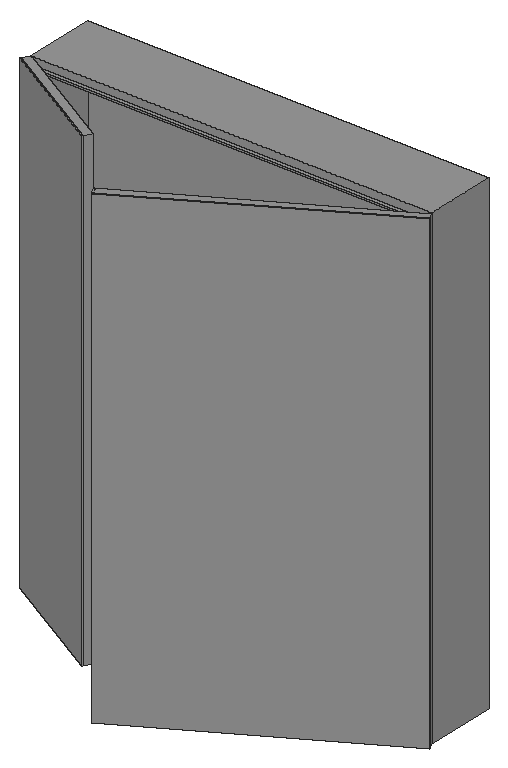
Revit family "Hager-Univers-IP44-D161-Cl.II-FWQ-encl-NoHosted-NL-en", category Equipement électrique, Revit 2020
Family settings
  Configuration du panneau = Deux colonnes, circuits au sein
  Cote de connecteur circulaire = Utiliser le diamètre
  Type d'élément = Tableau de raccordement
  Basée sur le plan de construction = Oui
  Toujours verticalement = Oui
  Couper avec des vides une fois chargée = Non
  Partagée = Non
  Point de calcul de pièce = Non
Parameters (values of type "Surface mounted (plaster) IP44 W800 H950 D161  - FWQ63N")
  Width Control [instance] = if([EF000008 - Width] > Min Width, [EF000008 - Width], Min Width)  # 800 mm
  Commentaires du type = [HG000003 - Range]  # "Univers"
  Thickness Door [instance] = if([EF009171 - Material plate thickness door/cover] > 3 mm, 3 mm, [EF009171 - Material plate thickness door/cover])  # 2 mm
  Seal Frame Offset [instance] = 17 mm  # constant formula
  Plinth Visibility [instance] = [HG000027 - Plinth height] > 0 mm  # no
  Min Width [instance] = 100 mm  # constant formula
  Min Depth [instance] = (2 * [EF009170 - Material plate thickness cabinet]) + 1 mm  # 5 mm
  Min Height [instance] = 100 mm  # constant formula
  Internal Frame Depth [instance] = (Door System Depth * 0.5)  # 9 mm
  Panel Name [instance] = ""  # (empty or 0)
  Model = ""
  HG000027 - Plinth height = 0 mm
  HG000026 - Floor standing = no
  HG000024 - Bottom section height = 600 mm
  HG000023 - Double section enclosure = no
  HG000016 - Door 3d visibility [instance] = yes
  HG000015 - Clearance visibility [instance] = no
  HG000014 - Door on the right [instance] = yes
  HG000013 - Door on the left [instance] = not([HG000014 - Door on the right])  # no
  HG000012 - Door swing angle [instance] = 30.00°
  HG000010 - Asymmetric doors = yes
  HG000009 - Double swing door = yes
  HG000006 - Flush mounted = no
  HG000004 - Manufacturer reference = "FWQ63N"
  HG000003 - Range = "Univers"
  HG000002 - With door or cover = yes
  Frame Offset Bottom [instance] = 10 mm  # constant formula
  Frame Offset [instance] = 15 mm  # constant formula
  EF015940 - Cover with overpressure release = no
  EF011959 - Degree of protection (NEMA) = ""
  EF009554 - Number of openings for flange plates = 6
  EF009212 - Cover model = "EV009916 - With notch"
  EF009171 - Material plate thickness door/cover = 2 mm
  EF009170 - Material plate thickness cabinet = 2 mm
  EF008873 - Nominal current (In) = 125 A
  EF007800 - Suitable for lightning protection = no
  EF006306 - With lock = no
  EF006244 - Transparent cover/door = no
  EF005474 - Degree of protection (IP) = "EV006418 - IP44"
  EF004464 - Type of door = "EV002646 - Single"
  EF004427 - Number of modules = 144
  EF004293 - Impact strength = "EV006815 - IK09"
  EF003532 - Suitable for outdoor use = no
  EF002950 - Width in number of modular spacings = 36
  EF001613 - Circuit integrity = "EV000494 - None"
  EF001596 - Material housing = "EV000179 - Steel"
  EF001131 - Internal depth = 161 mm
  EF001088 - Extension possible = yes
  EF000437 - Number of conduit inlets = 12
  EF000339 - Type of cover = "EV001012 - Cover"
  EF000266 - Number of rows = 3
  EF000218 - Built-in depth = 0 mm
  EF000118 - With mounting plate = yes
  EF000116 - RAL-number = "9010"
  EF000049 - Depth = 161 mm
  EF000040 - Height = 950 mm
  EF000008 - Width = 800 mm
  EF000007 - Colour = "EV000202 - White"
  EF000003 - Mounting method = "EV000384 - Surface mounted (plaster)"
  Door System Leaf Tolerance [instance] = 1.5 mm  # constant formula
  Door System Depth [instance] = 18 mm  # constant formula
  Door Height [instance] = Height Control - [HG000027 - Plinth height]  # 950 mm
  Description = ""
  Default Elevation = 1219.2 mm
  Connector Offset [instance] = Height Control / 2  # 475 mm
  Fabricant = "Hager"  # constant formula
  Height Control [instance] = if([EF000040 - Height] > Min Height, [EF000040 - Height], Min Height)  # 950 mm
  Depth Control [instance] = if([EF000049 - Depth] > Min Depth, [EF000049 - Depth], Min Depth)  # 161 mm
  Bottom Top Plate Trim [instance] = 1.5 mm  # constant formula
  Plinth height Ctrl [instance] = if([HG000027 - Plinth height] > 0 mm, [HG000027 - Plinth height], 12 mm)  # 12 mm
Types (14, lengths in mm): name | Width Control | HG000010 - Asymmetric doors | HG000009 - Double swing door | HG000004 - Manufacturer reference | EF009554 - Number of openings for flange plates | EF004427 - Number of modules | EF002950 - Width in number of modular spacings | EF000437 - Number of conduit inlets | EF000266 - Number of rows | EF000040 - Height | EF000008 - Width | Door Height | Connector Offset | Height Control
  Surface mounted (plaster) IP44 W1050 H1100 D161  - FWQ74N | 1050 | no | yes | "FWQ74N" | 8 | 240 | 48 | 16 | 4 | 1100 | 1050 | 1100 | 550 | 1100
  Surface mounted (plaster) IP44 W1050 H500 D161  - FWQ34P | 1050 | no | yes | "FWQ34P" | 8 | 144 | 48 | 16 | 4 | 500 | 1050 | 500 | 250 | 500
  Surface mounted (plaster) IP44 W1050 H650 D161  - FWQ44P | 1050 | no | yes | "FWQ44P" | 8 | 192 | 48 | 16 | 4 | 650 | 1050 | 650 | 325 | 650
  Surface mounted (plaster) IP44 W300 H650 D161  - FWQ41P | 300 | no | no | "FWQ41P" | 2 | 48 | 12 | 4 | 1 | 650 | 300 | 650 | 325 | 650
  Surface mounted (plaster) IP44 W550 H1100 D161  - FWQ72N | 550 | no | no | "FWQ72N" | 4 | 120 | 24 | 8 | 2 | 1100 | 550 | 1100 | 550 | 1100
  Surface mounted (plaster) IP44 W550 H500 D161  - FWQ32P | 550 | no | no | "FWQ32P" | 4 | 96 | 24 | 8 | 8 | 500 | 550 | 500 | 250 | 500
  Surface mounted (plaster) IP44 W550 H650 D161  - FWQ42P | 550 | no | no | "FWQ42P" | 4 | 96 | 24 | 8 | 2 | 650 | 550 | 650 | 325 | 650
  Surface mounted (plaster) IP44 W550 H800 D161  - FWQ52N | 550 | no | no | "FWQ52N" | 4 | 72 | 24 | 8 | 2 | 800 | 550 | 800 | 400 | 800
  Surface mounted (plaster) IP44 W550 H950 D161  - FWQ62N | 550 | no | no | "FWQ62N" | 4 | 96 | 24 | 8 | 2 | 950 | 550 | 950 | 475 | 950
  Surface mounted (plaster) IP44 W800 H1100 D161  - FWQ73N | 800 | yes | yes | "FWQ73N" | 6 | 180 | 36 | 12 | 3 | 1100 | 800 | 1100 | 550 | 1100
  Surface mounted (plaster) IP44 W800 H500 D161  - FWQ33P | 800 | yes | yes | "FWQ33P" | 6 | 108 | 36 | 12 | 3 | 500 | 800 | 500 | 250 | 500
  Surface mounted (plaster) IP44 W800 H650 D161  - FWQ43P | 800 | yes | yes | "FWQ43P" | 6 | 144 | 36 | 12 | 3 | 650 | 800 | 650 | 325 | 650
  Surface mounted (plaster) IP44 W800 H800 D161  - FWQ53N | 800 | yes | yes | "FWQ53N" | 6 | 108 | 36 | 12 | 3 | 800 | 800 | 800 | 400 | 800
  Surface mounted (plaster) IP44 W800 H950 D161  - FWQ63N | 800 | yes | yes | "FWQ63N" | 6 | 144 | 36 | 12 | 3 | 950 | 800 | 950 | 475 | 950
Reference planes
  plane 1 "Center (Front/Back)": y = 0
  plane 2: z = 0
  plane 3 "Center (Left/Right)": x = 0
  plane 4: y = 0
  plane 5: y = 0
  plane 6: z = 0
  plane 7: x = -400
  plane 8: x = 400
  plane 9: x = 398
  plane 10: x = -398
  plane 11: z = 0
  plane 12: z = 2
  plane 13: y = -161
  plane 14: y = -2
  plane 15: x = 0
  plane 16: y = -143
  plane 17: y = -159
  plane 18: y = -141
  plane 19: x = -383
  plane 20: x = 383
  plane 21: z = 12
  plane 22: x = -383
  plane 23: x = 383
  plane 24: z = 0
  plane 25: z = 950
  plane 26: z = 950
  plane 27: z = 933
  plane 28: z = 948
Forms (mm)
  Extrusion 1, solid, material "Hager_Steel_RAL7035_Light_Grey", detail levels medium+fine
    sketch origin (-208.679, -4572, 0) x (-1, 0, 0) y (0, -1, 0)
      loop
        line (191.321, -4429) -> (-608.679, -4429) -> (-608.679, -4572) -> (191.321, -4572) -> (191.321, -4429)
    from 0 to 950
  Extrusion 2, void
    sketch origin (-350.771, -161, 1219.2) x (1, 0, 0) y (0, 0, 1)
      loop
        line (-47.229, -271.2) -> (-47.229, -1217.2) -> (748.771, -1217.2) -> (748.771, -271.2) -> (-47.229, -271.2)
    from -20 to -159
  Extrusion 3, void
    sketch origin (-290.084, -143, 1219.2) x (1, 0, 0) y (0, 0, 1)
      loop
        line (-92.916, -1207.2) -> (673.084, -1207.2) -> (673.084, -286.2) -> (-92.916, -286.2) -> (-92.916, -1207.2)
    from 0 to -2
  Extrusion 4, solid, material "Hager_Steel_RAL7035_Light_Grey", visible <- "Plinth Visibility", detail levels medium+fine
    sketch origin (0, 0, 0) x (1, 0, 0) y (0, 1, 0)
      loop
        line (-400, 0) -> (-400, -143) -> (400, -143) -> (400, 0) -> (-400, 0)
    from 0 to 12 <- "Plinth height Ctrl"
  Extrusion 5, solid, material "Hager_Steel_RAL7035_Light_Grey", detail levels coarse
    sketch origin (0, 0, 0) x (1, 0, 0) y (0, 1, 0)
      loop
        line (-400, 0) -> (-400, -161) -> (400, -161) -> (400, 0) -> (-400, 0)
    from 0 to 950 <- "Height Control"
  Sweep 6, void
    path in 3D
      loop
        line (-400, -143, 12) -> (400, -143, 12) -> (400, 0, 12) -> (-400, 0, 12) -> (-400, -143, 12)
    profile origin (-400, -71.5, 12) x (1, 0, 0) y (0, 0, 1)
      loop
        line (0, 0) -> (0, -1.5) -> (1.5, -1.5)
        arc (1.5, -1.5) -> (1.061, -0.439) -> (0, 0) r 1.5
  Extrusion 7, solid, material "Hager_Steel_RAL7035_Light_Grey", detail levels fine
    sketch origin (-400, -143, 0) x (1, 0, 0) y (0, 0, 1)
      loop
        line (17, 12) -> (783, 12) -> (783, 933) -> (17, 933) -> (17, 12)
      loop
        line (15, 10) -> (785, 10) -> (785, 935) -> (15, 935) -> (15, 10)
    from 0 to 9 <- "Internal Frame Depth"
Cuts and joins
  Extrusion 2, Extrusion 3 cuts Extrusion 1
  Sweep 6 cuts Extrusion 4
Lines and regions (mm)
  Masking region 1
    outline origin (0, 0, 0) x (1, 0, 0) y (0, 1, 0)
      loop
        line (-400, 0) -> (-400, -161) -> (400, -161) -> (400, 0) -> (-400, 0)
  Masking region 2, detail levels coarse
    outline origin (-290.084, -143, 1219.2) x (-1, 0, 0) y (0, 0, 1)
      loop
        line (-690.084, -1219.2) -> (109.916, -1219.2) -> (109.916, -269.2) -> (-690.084, -269.2) -> (-690.084, -1219.2)
  Masking region 3, detail levels coarse
    outline origin (0, 0, 0) x (0, 1, 0) y (0, 0, 1)
      loop
        line (0, 0) -> (0, 950) -> (-161, 950) -> (-161, 0) -> (0, 0)
  Masking region 4, visible <- "Plinth Visibility", detail levels medium+fine
    outline origin (0, 0, 0) x (0, 1, 0) y (0, 0, 1)
      loop
        line (-1.5, 12) -> (-141.5, 12)
        arc (-141.5, 12) -> (-141.939, 10.939) -> (-143, 10.5) r 1.5
        line (-143, 10.5) -> (-143, 0) -> (0, 0) -> (0, 10.5)
        arc (0, 10.5) -> (-1.061, 10.939) -> (-1.5, 12) r 1.5
  Masking region 5, detail levels medium+fine
    outline origin (0, 0, 594.038) x (0, 1, 0) y (0, 0, 1)
      loop
        line (0, -594.038) -> (0, 355.962) -> (-143, 355.962) -> (-143, -594.038) -> (0, -594.038)
  Masking region 6, detail levels medium+fine
    outline origin (-359.7, -143, 1211.883) x (-1, 0, 0) y (0, 0, 1)
      loop
        line (-759.7, -1211.883) -> (40.3, -1211.883) -> (40.3, -261.883) -> (-759.7, -261.883) -> (-759.7, -1211.883)
  Masking region 7, visible <- "Plinth Visibility", detail levels medium+fine
    outline origin (-320.334, -143, 1041.368) x (-1, 0, 0) y (0, 0, 1)
      loop
        line (-720.334, -1041.368) -> (79.666, -1041.368) -> (79.666, -1030.868)
        arc (79.666, -1030.868) -> (78.606, -1030.429) -> (78.166, -1029.368) r 1.5
        line (78.166, -1029.368) -> (-718.834, -1029.368)
        arc (-718.834, -1029.368) -> (-719.273, -1030.429) -> (-720.334, -1030.868) r 1.5
        line (-720.334, -1030.868) -> (-720.334, -1041.368)
  sketch lines
    curve 1: line (-400, 0, 12) -> (-400, -143, 12)
    curve 2: line (-400, -143, 12) -> (400, -143, 12)
    curve 3: line (400, 0, 12) -> (-400, 0, 12)
    curve 4: line (400, -143, 12) -> (400, 0, 12)
Dimensions and locks
  locked: plane 1 "Center (Front/Back)" to plane 5
  "EF009170 - Material plate thickness cabinet": plane 7 to plane 10
  "EF009170 - Material plate thickness cabinet": plane 8 to plane 9
  equal spacing: plane 7, plane 3 "Center (Left/Right)", plane 8
  "Width Control": plane 7 to plane 8
  "Depth Control": plane 4 to plane 13
  "EF009170 - Material plate thickness cabinet": plane 4 to plane 14
  "Height Control": plane 25 to level
  "HG000027 - Plinth height": plane 11 to level
  "EF009170 - Material plate thickness cabinet": plane 12 to plane 11
  "EF009170 - Material plate thickness cabinet": plane 17 to plane 13
  "EF009170 - Material plate thickness cabinet": plane 18 to plane 16
  "Frame Offset Bottom": plane 21 to plane 12
  "Frame Offset": plane 10 to plane 19
  "Frame Offset": plane 9 to plane 20
  "Door System Depth": plane 16 to plane 13
  "Seal Frame Offset": plane 7 to plane 22
  "Seal Frame Offset": plane 8 to plane 23
  "EF009170 - Material plate thickness cabinet": plane 26 to plane 28
  "Frame Offset": plane 28 to plane 27
  "Connector Offset": plane 2 to connector elem
  "Bottom Top Plate Trim": profile plane to Sweep 6 sketch curve
  "Bottom Top Plate Trim": Sweep 6 sketch curve to Sweep 6 sketch curve
  "Plinth height Ctrl": Masking region 4 sketch curve to level
  "Plinth height Ctrl": Masking region 7 sketch curve to level
  "Thickness Door": Extrusion 7 sketch curve to Extrusion 7 sketch curve  (x4)
  "Bottom Top Plate Trim": radius of Sweep 6 sketch curve
  "Bottom Top Plate Trim": radius of Masking region 4 sketch curve  (x2)
  "Bottom Top Plate Trim": radius of Masking region 7 sketch curve  (x2)
  aligned and locked: Extrusion 2 sketch curve to plane 12
  aligned and locked: Extrusion 2 sketch curve to plane 9
  aligned and locked: Extrusion 2 sketch curve to plane 10
  aligned and locked: Extrusion 2 to plane 14
  aligned and locked: Extrusion 1 sketch curve to plane 4
  aligned and locked: plane 8 to Extrusion 1 sketch curve
  aligned and locked: plane 7 to Extrusion 1 sketch curve
  aligned and locked: Extrusion 2 to plane 18
  aligned and locked: Extrusion 3 sketch curve to plane 19
  aligned and locked: plane 20 to Extrusion 3 sketch curve
  aligned and locked: Extrusion 3 to Extrusion 2
  aligned and locked: Extrusion 3 sketch curve to plane 21
  aligned and locked: plane 3 "Center (Left/Right)" to nested 1
  aligned and locked: Extrusion 1 sketch curve to plane 16
  aligned and locked: Extrusion 4 sketch curve to cut or joined group of Extrusion 1, Extrusion 2, Extrusion 3
  aligned and locked: Masking region 1 sketch curve to plane 7
  aligned and locked: Masking region 1 sketch curve to plane 5
  aligned and locked: Masking region 1 sketch curve to plane 8
  aligned and locked: Masking region 2 sketch curve to level
  aligned and locked: level to Masking region 3 sketch curve
  aligned and locked: plane 1 "Center (Front/Back)" to Masking region 3 sketch curve
  aligned and locked: plane 13 to Masking region 3 sketch curve
  aligned and locked: plane 5 to Masking region 4 sketch curve
  aligned and locked: Masking region 2 sketch curve to plane 8
  aligned and locked: Masking region 2 sketch curve to plane 7
  aligned and locked: plane 7 to nested 2
  aligned and locked: nested 2 to plane 5
  aligned and locked: plane 5 to Masking region 5 sketch curve
  aligned and locked: plane 26 to Masking region 5 sketch curve
  aligned and locked: Extrusion 5 sketch curve to plane 8
  aligned and locked: Extrusion 5 sketch curve to plane 7
  aligned and locked: Extrusion 5 sketch curve to plane 5
  aligned and locked: Extrusion 3 sketch curve to plane 27
  aligned and locked: Extrusion 2 sketch curve to plane 28
  aligned and locked: Masking region 2 to plane 25
  aligned and locked: Extrusion 4 to plane 16
  aligned and locked: profile plane to Sweep 6 sketch curve
  aligned and locked: Masking region 5 sketch curve to plane 24
  aligned and locked: level to Masking region 4 sketch curve
  aligned and locked: Masking region 1 to plane 13
  aligned and locked: nested 1 to plane 16
  aligned and locked: Masking region 3 to plane 25
  aligned and locked: plane 16 to Masking region 4 sketch curve
  aligned and locked: Masking region 5 sketch curve to plane 16
  aligned and locked: plane 24 to plane 11
  aligned and locked: plane 26 to plane 25
  aligned and locked: plane 26 to cut or joined group of Extrusion 1, Extrusion 2, Extrusion 3
  aligned and locked: nested 1 to plane 24
  aligned and locked: Extrusion 1 to Extrusion 3
  aligned and locked: Masking region 6 sketch curve to plane 8
  aligned and locked: Masking region 6 sketch curve to plane 24
  aligned and locked: Masking region 6 sketch curve to plane 7
  aligned and locked: Masking region 6 sketch curve to plane 26
  aligned and locked: Masking region 7 sketch curve to plane 7
  aligned and locked: level to Masking region 7 sketch curve
  aligned and locked: Masking region 7 sketch curve to plane 8
  aligned and locked: Extrusion 7 sketch curve to cut or joined group of Extrusion 1, Extrusion 2, Extrusion 3  (x4)
Automatic sketch dimensions
  plane 19 to Extrusion 3 sketch curve = 0 mm
  Extrusion 3 sketch curve to plane 20 = 0 mm
  Extrusion 3 sketch curve to plane 21 = 0 mm
  Extrusion 4 sketch curve to plane 7 = 0 mm
  Extrusion 4 sketch curve to plane 8 = 0 mm
  Extrusion 4 sketch curve to plane 16 = 0 mm
  Masking region 1 sketch curve to plane 13 = 0 mm
  Masking region 2 sketch curve to plane 25 = 0 mm
  Masking region 3 sketch curve to plane 25 = 0 mm
  Extrusion 5 sketch curve to plane 13 = 0 mm
  profile plane to Sweep 6 sketch curve = 0 mm
Nested families
  nested 1: "EC000058_Univers_Door" at (0, -143, 0), Double <- "HG000009 - Double swing door", Transparent <- "EF006244 - Transparent cover/door", Angle <- "HG000012 - Door swing angle", Door_Right <- "HG000014 - Door on the right", Assymetrical <- "HG000010 - Asymmetric doors", Door <- "HG000002 - With door or cover", Width_Ctrl <- "Width Control", 3d_Door <- "HG000016 - Door 3d visibility", Clearance <- "HG000015 - Clearance visibility", Door_Left <- "HG000013 - Door on the left", Width <- "Width Control", Door_Depth <- "Door System Depth", Leaf_Tolerance <- "Door System Leaf Tolerance", Height <- "Door Height", Lock_Visibility <- "EF006306 - With lock", Thickness <- "Thickness Door", type "EC000058_Univers_Door", detail levels medium+fine
    with min_wh 5 mm, Width_Ctrl 800 mm, Width 800 mm, Transparent no, Thickness 2 mm, Seal_Material Hager_Rubber, Lock_Visibility no, Lock_Material Hager_Plastic_RAL9005_Jet_Black, Leaf_Width 800 mm, Leaf_Tolerance_External_Sides 0 mm, Leaf_Tolerance 1.5 mm, Leaf_Offset 0 mm, Leaf_Height 947 mm, Leaf_2_Width 532.583 mm, Leaf_2_Offset 266.292 mm, Leaf_1_Width 265.917 mm, Leaf_1_Offset 132.958 mm, Height_Ctrl 950 mm, Height 950 mm, Glass_Material Hager_Glass, Double_Clearance_Ctrl no, Double yes, Door_Right_Ctrl yes, Door_Right yes, Door_Material Hager_Steel_RAL7035_Light_Grey, Door_Left_Ctrl yes, Door_Left no, Door_Depth 18 mm, Door yes, Clearance_Material Hager_Clearance, Clearance_Depth 532.583 mm, Clearance_Ctrl no, Clearance no, Assymetrical yes, Angle 30.00°, 3d_Door yes
  nested 2: "Hager_Enclosure_Symbol" at (-400, 0, 0), Height <- "Depth Control", Width <- "Width Control", type "Hager_Enclosure_Symbol"
    with Width_Ctrl 800 mm, Width 800 mm, Height_Ctrl 161 mm, Height 161 mm, A_Width_Int 10.566 mm, A_Width 126.788 mm, A_Height_Ctrl 140.875 mm, A_Height 140.875 mm
Connectors
  electrical at (0, 0, 475)
    settings: on plane 1 "Center (Front/Back)", index 1, voltage 0 V, apparent load 0 VA, apparent load phase1 0 VA, apparent load phase2 0 VA, apparent load phase3 0 VA, power factor 1, load classification "Other", number of poles 1, system type 30, power factor state 1, is connector primary yes, connector utility no, sub classification motor no, connector description ""
Definition of nested family "EC000058_Univers_Door"
  Parameters (values of type "EC000058_Univers_Door")
    min_wh [instance] = (2 * Thickness) + 1 mm  # 11 mm
    Width_Ctrl [instance] = 400 mm
    Width [instance] = 500 mm
    Transparent [instance] = yes
    Thickness [instance] = 5 mm
    Seal_Material [instance] = none
    Lock_Visibility [instance] = yes
    Lock_Material [instance] = none
    Leaf_Width [instance] = if((Width_Ctrl - 2 * Leaf_Tolerance_External_Sides) > 0 mm, (Width_Ctrl - 2 * Leaf_Tolerance_External_Sides), min_wh)  # 400 mm
    Leaf_Tolerance_External_Sides [instance] = 0 mm  # constant formula
    Leaf_Tolerance [instance] = 1.5 mm
    Leaf_Offset [instance] = 0 mm  # constant formula
    Leaf_Height [instance] = if((Height_Ctrl - 2 * Leaf_Tolerance) > 0 mm, (Height_Ctrl - 2 * Leaf_Tolerance), min_wh)  # 497 mm
    Leaf_2_Width [instance] = if(and(and(Double, Assymetrical), Door_Left), (Leaf_Width / 3) - (Leaf_Tolerance / 2), if(and(and(Double, Assymetrical), Door_Right), (Leaf_Width / 3) * 2 - (Leaf_Tolerance / 2), if(and(Double, not(Assymetrical)), (Leaf_Width / 2) - Leaf_Tolerance, Leaf_Width)))  # 400 mm
    Leaf_2_Offset [instance] = if(and(Double, Assymetrical), Leaf_2_Width / 2, if(and(Double, not(Assymetrical)), Leaf_Width / 4, Leaf_Width / 2))  # 200 mm
    Leaf_1_Width [instance] = if(and(and(Double, Assymetrical), Door_Right), (Leaf_Width / 3) - (Leaf_Tolerance / 2), if(and(and(Double, Assymetrical), Door_Left), (Width / 3) * 2 - (Leaf_Tolerance / 2), if(and(Double, not(Assymetrical)), (Leaf_Width / 2) - Leaf_Tolerance, Leaf_Width)))  # 400 mm
    Leaf_1_Offset [instance] = if(and(Double, Assymetrical), Leaf_1_Width / 2, if(and(Double, not(Assymetrical)), Leaf_Width / 4, Leaf_Width / 2))  # 200 mm
    Height_Ctrl [instance] = if(Height > min_wh, Height, min_wh)  # 500 mm
    Height [instance] = 500 mm
    Glass_Material [instance] = none
    Double_Clearance_Ctrl [instance] = and(Double, Clearance)  # no
    Double [instance] = no
    Door_Right_Ctrl [instance] = and(or(Door_Right, Double), Door)  # yes
    Door_Right [instance] = yes
    Door_Material [instance] = none
    Door_Left_Ctrl [instance] = and(or(Door_Left, Double), Door)  # no
    Door_Left [instance] = no
    Door_Depth [instance] = 30 mm
    Door [instance] = yes
    Default Elevation = 1219.2 mm
    Clearance_Material [instance] = none
    Clearance_Depth [instance] = if(Leaf_1_Width > Leaf_2_Width, Leaf_1_Width, Leaf_2_Width)  # 400 mm
    Clearance_Ctrl [instance] = and(not(Double), Clearance)  # yes
    Clearance [instance] = yes
    Assymetrical [instance] = yes
    Angle [instance] = 30.00°
    3d_Door [instance] = yes
  Reference planes
    plane 1 "Center (Front/Back)": y = 0
    plane 2 "Bottom": z = 0
    plane 3 "Center (Left/Right)": x = 0
    plane 4: z = 500
    plane 5: x = -200
    plane 6: x = 200
    plane 7: z = 500
    plane 8: x = -200
    plane 9: z = 0
    plane 10: x = 200
    plane 11: y = 0
    plane 12: z = 1.5
    plane 13: x = -600
    plane 14: y = -400
    plane 15: x = 600
    plane 16: x = 0
    plane 17: x = 0
    plane 18: x = -200
    plane 19: x = 200
    plane 20: z = 498.5
  Forms (mm)
    Extrusion 1, solid, material <- "Clearance_Material", visible <- "Double_Clearance_Ctrl"
      sketch origin (1200, 0, 0) x (1, 0, 0) y (0, 0, -1)
        loop
          line (-1800, -498.5) -> (-600, -498.5) -> (-600, 0) -> (-1800, 0) -> (-1800, -498.5)
      from 0 to -400
  Dimensions and locks
    equal spacing: plane 5, plane 3 "Center (Left/Right)", plane 6
    "Width_Ctrl": plane 5 to plane 6
    "Leaf_Offset": plane 5 to plane 8
    "Leaf_Offset": plane 6 to plane 10
    "Leaf_Offset": plane 9 to level
    "Leaf_Offset": plane 4 to plane 7
    "Height_Ctrl": plane 4 to level
    "Leaf_Tolerance": plane 12 to plane 9
    locked: plane 11 to plane 1 "Center (Front/Back)"
    "Leaf_1_Offset": plane 18 to plane 16
    "Leaf_2_Offset": plane 17 to plane 19
    "Leaf_1_Width": plane 13 to plane 8
    "Leaf_2_Width": plane 10 to plane 15
    "Clearance_Depth": plane 14 to plane 1 "Center (Front/Back)"
    "Leaf_Tolerance_External_Sides": plane 8 to plane 18
    "Leaf_Tolerance_External_Sides": plane 19 to plane 10
    "Leaf_Tolerance": plane 7 to plane 20
    aligned and locked: level to plane 2 "Bottom"
    aligned and locked: nested 1 to plane 16
    aligned and locked: nested 2 to plane 17
    aligned and locked: Extrusion 1 to plane 13
    aligned and locked: plane 15 to Extrusion 1
    aligned and locked: Extrusion 1 to plane 14
    aligned and locked: plane 12 to nested 1
    aligned and locked: nested 2 to plane 12
    aligned and locked: Extrusion 1 to plane 11
    aligned and locked: plane 20 to Extrusion 1
    aligned and locked: nested 2 to plane 11
    aligned and locked: nested 1 to plane 11
  Automatic sketch dimensions
    Extrusion 1 sketch curve to level = 0 mm
    plane 5 to Extrusion 1 sketch curve = 400 mm
    plane 6 to Extrusion 1 sketch curve = 400 mm
    Extrusion 1 sketch curve to plane 4 = 1.5 mm
  Nested families
    nested 1: "EC000058_Univers_Door_Leaf" at (0, 0, 1.5), Width <- "Leaf_1_Width", visible <- "Door_Left_Ctrl", Leaf_Height <- "Leaf_Height", Angle <- "Angle", 3d_Door <- "3d_Door", Transparent <- "Transparent", Clearance Material <- "Clearance_Material", Clearance <- "Clearance_Ctrl", Door_Material <- "Door_Material", Glass_Material <- "Glass_Material", Door_Depth <- "Door_Depth", Lock_Material <- "Lock_Material", Seal_Material <- "Seal_Material", Lock_Visibility <- "Lock_Visibility", Thickness <- "Thickness", type "EC000058_Univers_Door_Leaf"
      with Width 400 mm, Transparent_Glass_Offset 30 mm, Transparent_Ctrl yes, Transparent yes, Thickness 5 mm, Standard no, Seal_Material none, Seal_D2 8 mm, Seal_D1 1 mm, Offset_Internal_Frame 10 mm, Lock_Width 20 mm, Lock_Visibility_3d yes, Lock_Visibility yes, Lock_Thickness_3 3 mm, Lock_Thickness_2 1 mm, Lock_Thickness_1 3 mm, Lock_Radius_Offset_2 16 mm, Lock_Radius_Offset_1 15 mm, Lock_Radius_2 5 mm, Lock_Radius 6 mm, Lock_Offset 5 mm, Lock_Material none, Lock_Height 80 mm, Lock_Cover_Top_Offset_2d 17 mm, Lock_Cover_Height -65 mm, Leaf_Height 497 mm, Internal_Seal_Thickness 8 mm, Internal_Seal_Depth_2 4.5 mm, Internal_Frame_Depth 25 mm, Glass_Thickness -1 mm, Glass_Offset -2 mm, Glass_Material none, Door_Material none, Door_Depth 30 mm, Clearance Material none, Clearance yes, Angle_Ctrl 30.00°, Angle 30.00°, 3d_Door yes
    nested 2: "EC000058_Univers_Door_Leaf" at (0, 0, 1.5) x (-1, 0, 0) z (0, 0, 1), Width <- "Leaf_2_Width", visible <- "Door_Right_Ctrl", Leaf_Height <- "Leaf_Height", Angle <- "Angle", 3d_Door <- "3d_Door", Transparent <- "Transparent", Clearance Material <- "Clearance_Material", Clearance <- "Clearance_Ctrl", Door_Material <- "Door_Material", Glass_Material <- "Glass_Material", Door_Depth <- "Door_Depth", Lock_Material <- "Lock_Material", Seal_Material <- "Seal_Material", Lock_Visibility <- "Lock_Visibility", Thickness <- "Thickness", type "EC000058_Univers_Door_Leaf"
      with Width 400 mm, Transparent_Glass_Offset 30 mm, Transparent_Ctrl yes, Transparent yes, Thickness 5 mm, Standard no, Seal_Material none, Seal_D2 8 mm, Seal_D1 1 mm, Offset_Internal_Frame 10 mm, Lock_Width 20 mm, Lock_Visibility_3d yes, Lock_Visibility yes, Lock_Thickness_3 3 mm, Lock_Thickness_2 1 mm, Lock_Thickness_1 3 mm, Lock_Radius_Offset_2 16 mm, Lock_Radius_Offset_1 15 mm, Lock_Radius_2 5 mm, Lock_Radius 6 mm, Lock_Offset 5 mm, Lock_Material none, Lock_Height 80 mm, Lock_Cover_Top_Offset_2d 17 mm, Lock_Cover_Height -65 mm, Leaf_Height 497 mm, Internal_Seal_Thickness 8 mm, Internal_Seal_Depth_2 4.5 mm, Internal_Frame_Depth 25 mm, Glass_Thickness -1 mm, Glass_Offset -2 mm, Glass_Material none, Door_Material none, Door_Depth 30 mm, Clearance Material none, Clearance yes, Angle_Ctrl 30.00°, Angle 30.00°, 3d_Door yes
  Definition of nested family "EC000058_Univers_Door_Leaf"
    Parameters (values of type "EC000058_Univers_Door_Leaf")
      Width [instance] = 2000 mm
      Transparent_Glass_Offset [instance] = 30 mm
      Transparent_Ctrl [instance] = and(Transparent, [3d_Door])  # yes
      Transparent [instance] = yes
      Thickness [instance] = 5 mm
      Standard [instance] = and(not(Transparent), [3d_Door])  # no
      Seal_Material [instance] = none
      Seal_D2 [instance] = 8 mm  # constant formula
      Seal_D1 [instance] = 1 mm  # constant formula
      Offset_Internal_Frame [instance] = 10 mm  # constant formula
      Lock_Width [instance] = 20 mm  # constant formula
      Lock_Visibility_3d [instance] = and(Lock_Visibility, [3d_Door])  # yes
      Lock_Visibility [instance] = yes
      Lock_Thickness_3 [instance] = 3 mm  # constant formula
      Lock_Thickness_2 [instance] = 1 mm  # constant formula
      Lock_Thickness_1 [instance] = 3 mm  # constant formula
      Lock_Radius_Offset_2 [instance] = Lock_Radius_Offset_1 + 1 mm  # 16 mm
      Lock_Radius_Offset_1 [instance] = 15 mm  # constant formula
      Lock_Radius_2 [instance] = Lock_Radius - 1 mm  # 5 mm
      Lock_Radius [instance] = 6 mm  # constant formula
      Lock_Offset [instance] = 5 mm  # constant formula
      Lock_Material [instance] = none
      Lock_Height [instance] = 80 mm  # constant formula
      Lock_Cover_Top_Offset_2d [instance] = Lock_Radius_Offset_2 + 1 mm  # 17 mm
      Lock_Cover_Height [instance] = -(Lock_Height - Lock_Radius_Offset_1)  # -65 mm
      Leaf_Height [instance] = 2720.336 mm
      Internal_Seal_Thickness [instance] = 8 mm  # constant formula
      Internal_Seal_Depth_2 [instance] = 4.5 mm  # constant formula
      Internal_Frame_Depth [instance] = if(Door_Depth - Thickness > 5 mm, Door_Depth - Thickness, 5 mm)  # 25 mm
      Glass_Thickness [instance] = if(Thickness > 15 mm, Glass_Offset + 10 mm, -1 mm)  # -1 mm
      Glass_Offset [instance] = if(Thickness > 15 mm, -(Thickness + 10 mm) / 2, -2 mm)  # -2 mm
      Glass_Material [instance] = none
      Door_Material [instance] = none
      Door_Depth [instance] = 30 mm
      Default Elevation = 0 mm
      Clearance Material [instance] = none
      Clearance [instance] = yes
      Angle_Ctrl [instance] = if(Angle > 180.00°, 180.00°, Angle)  # 90.00°
      Angle [instance] = 90.00°
      3d_Door [instance] = yes
    Reference planes
      plane 1 "Center (Front/Back)": y = 0
      plane 2: z = 0
      plane 3 "Center (Left/Right)": x = 0
      plane 4: y = 2000
      plane 5: x = -1000
      plane 6: x = 1000
      plane 7: x = -3000
      plane 8: z = 2720.336
      plane 9: z = 30
      plane 10: z = 2690.336
      plane 11: x = 970
      plane 12: x = -970
      plane 13: y = -3
      plane 14: z = 107.833
      plane 15: y = -5
      plane 16: y = -223.314
      plane 17: x = -1000
      plane 18: z = 1360.168
      plane 19: y = 30
    Forms (mm)
      Extrusion 1, solid, material <- "Clearance Material", visible <- "Clearance"
        sketch origin (0, 0, 0) x (1, 0, 0) y (0, 0, 1)
          loop
            line (-3000, 2720.336) -> (-3000, 0) -> (1000, 0) -> (1000, 2720.336) -> (-3000, 2720.336)
        from 0 to -2000
      Extrusion 2, solid, material <- "Door_Material", visible <- "Standard", detail levels medium+fine
        sketch origin (-1000, 0, 0) x (0, 1, 0) y (-1, 0, 0)
          loop
            line (0, 30) -> (0, 25) -> (2000, 25) -> (2000, 30) -> (0, 30)
        from 0 to 2720.336 <- "Leaf_Height"
      Extrusion 3, solid, material <- "Door_Material", visible <- "Transparent_Ctrl", detail levels medium+fine
        sketch origin (-1000, 0, 0) x (0, 1, 0) y (-1, 0, 0)
          loop
            line (0, 25) -> (2000, 25) -> (2000, 30) -> (0, 30) -> (0, 25)
        from 0 to 2720.336 <- "Leaf_Height"
      Extrusion 4, void
        sketch origin (-1025, 2000, 0) x (0, 1, 0) y (0, 0, -1)
          loop
            line (-30, -2690.336) -> (-30, -30) -> (-1970, -30) -> (-1970, -2690.336) -> (-30, -2690.336)
        from 0 to 5 <- "Thickness"
      Sweep 5, solid, material <- "Seal_Material", visible <- "Transparent_Ctrl", detail levels fine
        path in 3D
          loop
            line (-1025, 30, 30) -> (-1025, 30, 2690.336) -> (-1025, 1970, 2690.336) -> (-1025, 1970, 30) -> (-1025, 30, 30)
        profile origin (-1025, 1000, 30) x (1, 0, 0) y (0, 0, 1)
          loop
            line (0, 0) -> (0, -8) -> (1, -8) -> (1, 0) -> (0, 0)
      Extrusion 6, solid, material <- "Glass_Material", visible <- "Transparent_Ctrl", detail levels medium+fine
        sketch origin (-1030, 0, 0) x (0, 1, 0) y (0, 0, -1)
          loop
            line (1970, -2690.336) -> (1970, -30) -> (30, -30) -> (30, -2690.336) -> (1970, -2690.336)
        from -2 <- "Glass_Offset" to -1 <- "Glass_Thickness"
      Extrusion 7, solid, material <- "Door_Material", visible <- "3d_Door", detail levels medium+fine
        sketch origin (-1025, 2000, 0) x (0, -1, 0) y (0, 0, -1)
          loop
            line (0, -2720.336) -> (2000, -2720.336) -> (2000, 0) -> (0, 0) -> (0, -2720.336)
          loop
            line (1995, -5) -> (5, -5) -> (5, -2715.336) -> (1995, -2715.336) -> (1995, -5)
        from 0 to 25 <- "Internal_Frame_Depth"
      Sweep 8, solid, material <- "Seal_Material", visible <- "Transparent_Ctrl", detail levels fine
        path in 3D
          loop
            line (-1025, 0, 0) -> (-1025, 2000, 0) -> (-1025, 2000, 2720.336) -> (-1025, 0, 2720.336) -> (-1025, 0, 0)
        profile origin (-1025, 0, 1360.168) x (1, 0, 0) y (0, 1, 0)
          loop
            line (0, 10) -> (2.975, 10)
            arc (2.975, 10) -> (4.053, 10.447) -> (4.5, 11.525) r 1.525
            line (4.5, 11.525) -> (4.5, 16.527)
            arc (4.5, 16.527) -> (4.069, 17.569) -> (3.027, 18) r 1.473
            line (3.027, 18) -> (0, 18) -> (0, 10)
      Extrusion 9, solid, material <- "Lock_Material", visible <- "Lock_Visibility_3d", detail levels fine
        sketch origin (-1030, 0, 0) x (0, 1, 0) y (0, 0, -1)
          loop
            arc (1993.5, -1400.168) -> (1994.561, -1399.729) -> (1995, -1398.668) r 1.5
            line (1995, -1398.668) -> (1995, -1320.168) -> (1975, -1320.168) -> (1975, -1398.668)
            arc (1975, -1398.668) -> (1975.439, -1399.729) -> (1976.5, -1400.168) r 1.5
            line (1976.5, -1400.168) -> (1993.5, -1400.168)
        from 3 <- "Lock_Thickness_1" to 0
      Blend 10, solid, material <- "Lock_Material", visible <- "Lock_Visibility_3d", detail levels fine
        base sketch origin (-1033, 0, 0) x (0, 1, 0) y (0, 0, -1)
          loop
            line (1975, -1320.168) -> (1975, -1398.668)
            arc (1975, -1398.668) -> (1975.439, -1399.729) -> (1976.5, -1400.168) r 1.5
            line (1976.5, -1400.168) -> (1993.5, -1400.168)
            arc (1993.5, -1400.168) -> (1994.561, -1399.729) -> (1995, -1398.668) r 1.5
            line (1995, -1398.668) -> (1995, -1320.168) -> (1975, -1320.168)
        top sketch origin (-1033, 0, 0) x (0, 1, 0) y (0, 0, -1)
          loop
            line (1976, -1320.168) -> (1976, -1398.668)
            arc (1976, -1398.668) -> (1976.146, -1399.022) -> (1976.5, -1399.168) r 0.5
            line (1976.5, -1399.168) -> (1993.5, -1399.168)
            arc (1993.5, -1399.168) -> (1993.854, -1399.022) -> (1994, -1398.668) r 0.5
            line (1994, -1398.668) -> (1994, -1320.168) -> (1976, -1320.168)
        from 0 to 1 <- "Lock_Thickness_2"
      Blend 11, solid, material <- "Lock_Material", visible <- "Lock_Visibility_3d", detail levels fine
        base sketch origin (-1034, 0, 0) x (0, 1, 0) y (0, 0, -1)
          loop
            line (1978, -1320.168) -> (1978, -1384.168)
            arc (1978, -1384.168) -> (1985, -1391.168) -> (1992, -1384.168) r 7
            line (1992, -1384.168) -> (1992, -1320.168) -> (1978, -1320.168)
        top sketch origin (-1034, 0, 0) x (0, 1, 0) y (0, 0, -1)
          loop
            line (1991, -1320.168) -> (1979, -1320.168) -> (1979, -1383.168)
            arc (1979, -1383.168) -> (1985, -1389.168) -> (1991, -1383.168) r 6
            line (1991, -1383.168) -> (1991, -1320.168)
        from 0 to 3 <- "Lock_Thickness_3"
      Extrusion 12, solid, material <- "Lock_Material", visible <- "Lock_Visibility_3d", detail levels fine
        sketch origin (-1030, 1975, 1320.168) x (1, 0, 0) y (0, -1, 0)
          loop
            line (-7, -19) -> (-7, -1) -> (0, -1) -> (0, 0) -> (-8, 0) -> (-8, -20) -> (0, -20) -> (0, -19) -> (-7, -19)
        from 0 to -65 <- "Lock_Cover_Height"
      Extrusion 13, void
        sketch origin (-1038, 1995, 1320.168) x (-1, 0, 0) y (0, 0, -1)
          loop
            line (-5, -65) -> (0, -65) -> (-5, -60) -> (-5, -65)
        from 0 to 20 <- "Lock_Width"
      Extrusion 14, void
        sketch origin (-1038, 1975, 1320.168) x (0, -1, 0) y (0, 0, -1)
          loop
            circle (-10, -15.995) r 6
          loop
            circle (-10, -15.995) r 5
        from 0 to 2
      Extrusion 15, solid, material <- "Lock_Material", visible <- "Lock_Visibility_3d", detail levels medium
        sketch origin (-1030, 0, 0) x (0, 1, 0) y (0, 0, -1)
          loop
            arc (1993.5, -1400.168) -> (1994.561, -1399.729) -> (1995, -1398.668) r 1.5
            line (1995, -1398.668) -> (1995, -1320.168) -> (1975, -1320.168) -> (1975, -1398.668)
            arc (1975, -1398.668) -> (1975.439, -1399.729) -> (1976.5, -1400.168) r 1.5
            line (1976.5, -1400.168) -> (1993.5, -1400.168)
        from 8 to 0
    Cuts and joins
      Extrusion 4 cuts Extrusion 3
      Extrusion 13, Extrusion 14 cuts Extrusion 9
      Extrusion 14 cuts Blend 11
      Extrusion 13, Extrusion 14 cuts Extrusion 12
      joined: Extrusion 9, Blend 10, Blend 11, Extrusion 12
      Extrusion 14 cuts Extrusion 15
    Lines and regions (mm)
      Masking region 1, visible <- "Lock_Visibility", detail levels fine
        outline origin (0, 0, 0) x (0, 1, 0) y (0, 0, 1)
          loop
            line (30, 1320.168) -> (33, 1320.168) -> (33, 1400.168) -> (30, 1400.168) -> (30, 1320.168)
      Masking region 2, visible <- "Lock_Visibility", detail levels fine
        outline origin (0, 3.143, 0) x (0, 1, 0) y (0, 0, 1)
          loop
            line (29.857, 1354.168) -> (30.857, 1354.168) -> (30.857, 1366.168) -> (29.857, 1366.168) -> (29.857, 1354.168)
      Masking region 3, detail levels medium+fine
        outline origin (0, 0, 0) x (0, 1, 0) y (0, 0, 1)
          loop
            line (0, 0) -> (30, 0) -> (30, 2720.336) -> (0, 2720.336) -> (0, 0)
      Masking region 4, detail levels medium+fine
        outline origin (0, 0, 0) x (1, 0, 0) y (0, 0, 1)
          loop
            line (-1000, 2720.336) -> (-1000, 0) -> (1000, 0) -> (1000, 2720.336) -> (-1000, 2720.336)
      Masking region 5, visible <- "Lock_Visibility", detail levels fine
        outline origin (-47.116, 0, 0) x (1, 0, 0) y (0, 0, 1)
          loop
            arc (1024.616, 1399.168) -> (1023.556, 1398.729) -> (1023.116, 1397.668) r 1.5
            line (1023.116, 1397.668) -> (1023.116, 1320.168) -> (1041.116, 1320.168) -> (1041.116, 1397.668)
            arc (1041.116, 1397.668) -> (1040.677, 1398.729) -> (1039.616, 1399.168) r 1.5
            line (1039.616, 1399.168) -> (1024.616, 1399.168)
      Masking region 6, visible <- "Lock_Visibility", detail levels medium+fine
        outline origin (-25, 0, 0) x (1, 0, 0) y (0, 0, 1)
          loop
            arc (1001.5, 1400.168) -> (1000.439, 1399.729) -> (1000, 1398.668) r 1.5
            line (1000, 1398.668) -> (1000, 1320.168) -> (1020, 1320.168) -> (1020, 1398.668)
            arc (1020, 1398.668) -> (1019.561, 1399.729) -> (1018.5, 1400.168) r 1.5
            line (1018.5, 1400.168) -> (1001.5, 1400.168)
      Masking region 7, visible <- "Lock_Visibility", detail levels fine
        outline origin (-73.735, 0, 0) x (1, 0, 0) y (0, 0, 1)
          loop
            line (1051.735, 1382.168) -> (1065.735, 1382.168) -> (1065.735, 1384.168)
            arc (1065.735, 1384.168) -> (1058.735, 1391.168) -> (1051.735, 1384.168) r 7
            line (1051.735, 1384.168) -> (1051.735, 1382.168)
      Masking region 8, visible <- "Lock_Visibility", detail levels fine
        outline origin (-73.735, 0, 0) x (1, 0, 0) y (0, 0, 1)
          loop
            line (1052.735, 1382.168) -> (1064.735, 1382.168) -> (1064.735, 1383.168)
            arc (1064.735, 1383.168) -> (1058.735, 1389.168) -> (1052.735, 1383.168) r 6
            line (1052.735, 1383.168) -> (1052.735, 1382.168)
      Masking region 9, visible <- "Lock_Visibility", detail levels fine
        outline origin (-25, 0, 0) x (1, 0, 0) y (0, 0, 1)
          loop
            line (1020, 1320.168) -> (1020, 1382.168) -> (1000, 1382.168) -> (1000, 1320.168) -> (1020, 1320.168)
      Masking region 10, detail levels medium+fine
        outline origin (0, 0, 0) x (1, 0, 0) y (0, 0, 1)
          loop
            circle (985, 1335.144) r 6
      Masking region 11, detail levels fine
        outline origin (0, 0, 0) x (1, 0, 0) y (0, 0, 1)
          loop
            circle (985, 1335.144) r 5
      Masking region 12, visible <- "Lock_Visibility", detail levels fine
        outline origin (0, 12.767, 0) x (0, 1, 0) y (0, 0, 1)
          loop
            line (20.233, 1320.168) -> (21.233, 1320.168) -> (21.233, 1399.168) -> (20.233, 1400.168) -> (20.233, 1320.168)
      Masking region 13, visible <- "Lock_Visibility", detail levels fine
        outline origin (0, 13.767, -10) x (0, 1, 0) y (0, 0, 1)
          loop
            line (20.233, 1330.168) -> (23.233, 1330.168) -> (23.233, 1399.168) -> (20.233, 1402.168) -> (20.233, 1330.168)
      Masking region 14, visible <- "Lock_Visibility", detail levels fine
        outline origin (0, 12.767, -10) x (0, 1, 0) y (0, 0, 1)
          loop
            line (20.233, 1330.168) -> (25.233, 1330.168) -> (25.233, 1399.305) -> (20.233, 1394.305) -> (20.233, 1330.168)
      Masking region 15, visible <- "Lock_Visibility", detail levels medium
        outline origin (0, 0, 0) x (0, 1, 0) y (0, 0, 1)
          loop
            line (30, 1320.168) -> (38, 1320.168) -> (38, 1400.168) -> (30, 1400.168) -> (30, 1320.168)
      Masking region 16, visible <- "Lock_Visibility", detail levels fine
        outline origin (-1000, 0, 0) x (0, 1, 0) y (-1, 0, 0)
          loop
            line (1975, 30) -> (1995, 30) -> (1995, 38) -> (1975, 38) -> (1975, 30)
          loop
            line (1979, 37) -> (1976, 37) -> (1976, 34) -> (1978, 34) -> (1979, 37)
          loop
            line (1994, 37) -> (1991, 37) -> (1992, 34) -> (1994, 34) -> (1994, 37)
      Masking region 17, visible <- "Lock_Visibility", detail levels medium
        outline origin (-1000, 0, 0) x (0, 1, 0) y (-1, 0, 0)
          loop
            line (1975, 30) -> (1995, 30) -> (1995, 38) -> (1975, 38) -> (1975, 30)
      symbolic lines
        curve 1: line (1000, 0, 0) -> (-3000, 0, 0)
        curve 2: arc (1000, 0, 0) -> (-1000, 2000, 0) -> (-3000, 0, 0) r 2000
        curve 4: line (-1030, 0, 0) -> (-1030, 2000, 0)
      reference lines
        curve 3: line (-1000, 0, 0) -> (-1000, 2000, 0)
      symbolic lines, detail levels medium+fine
        curve 5: line (-1030, 2000, 0) -> (-1025, 2000, 0)
        curve 7: line (-1025, 0, 0) -> (-1030, 0, 0)
        curve 8: line (-1025, 0, 0) -> (-1000, 0, 0)
        curve 9: line (-1000, 0, 0) -> (-1000, 2000, 0)
        curve 10: line (-1000, 2000, 0) -> (-1025, 2000, 0)
      symbolic lines, detail levels fine
        curve 6: line (-1025, 2000, 0) -> (-1025, 0, 0)
      sketch lines
        curve 11: line (-1025, 0, 2720.336) -> (-1025, 0, 0)
        curve 12: line (-1025, 2000, 0) -> (-1025, 0, 0)
        curve 13: line (-1025, 2000, 2720.336) -> (-1025, 2000, 0)
        curve 14: line (-1025, 0, 2720.336) -> (-1025, 2000, 2720.336)
        curve 15: line (-1025, 1970, 30) -> (-1025, 30, 30)
        curve 16: line (-1025, 30, 30) -> (-1025, 30, 2690.336)
        curve 17: line (-1025, 1970, 2690.336) -> (-1025, 1970, 30)
        curve 18: line (-1025, 30, 2690.336) -> (-1025, 1970, 2690.336)
      symbolic lines, visible <- "Transparent", detail levels medium+fine
        curve 19: line (-970, 0, 2690.336) -> (970, 0, 2690.336)
        curve 20: line (-970, 0, 30) -> (-970, 0, 2690.336)
        curve 21: line (970, 0, 30) -> (-970, 0, 30)
        curve 22: line (970, 0, 2690.336) -> (970, 0, 30)
    Dimensions and locks
      "Width": plane 1 "Center (Front/Back)" to plane 4
      equal spacing: plane 5, plane 3 "Center (Left/Right)", plane 6
      "Width": plane 5 to plane 6
      "Width": plane 7 to plane 5
      "Leaf_Height": plane 8 to level
      "Width": curve 5 to curve 3
      "Width": curve 3 to curve 3
      plane 8 to plane 10 = 30 mm
      plane 9 to level = 30 mm
      plane 12 to plane 5 = 30 mm
      plane 6 to plane 11 = 30 mm
      Extrusion 1 to Extrusion 4 sketch curve = 30 mm
      "Transparent_Glass_Offset": curve 3 to Extrusion 4 sketch curve
      "Transparent_Glass_Offset": Extrusion 4 sketch curve to cut or joined group of Extrusion 3, Extrusion 4  (x2)
      cut or joined group of Extrusion 3, Extrusion 4 to Extrusion 6 sketch curve = 30 mm
      "Transparent_Glass_Offset": cut or joined group of Extrusion 3, Extrusion 4 to Extrusion 4 sketch curve
      "Thickness": curve 6 to curve 4
      "Thickness": Extrusion 7 sketch curve to Extrusion 7 sketch curve  (x4)
      "Door_Depth": curve 4 to curve 3
      "Offset_Internal_Frame": profile plane to Sweep 8 sketch curve
      "Internal_Seal_Thickness": Sweep 8 sketch curve to Sweep 8 sketch curve
      "Internal_Seal_Depth_2": profile plane to Sweep 8 sketch curve
      "Seal_D1": profile plane to Sweep 5 sketch curve
      "Seal_D2": profile plane to Sweep 5 sketch curve
      "Thickness": Extrusion 2 sketch curve to Extrusion 2 sketch curve
      equal spacing: Extrusion 9 sketch curve, plane 18, Extrusion 9 sketch curve  (x2)
      equal spacing: Masking region 1 sketch curve, plane 18, Masking region 1 sketch curve
      "Lock_Height": Masking region 1 sketch curve to Masking region 1 sketch curve
      "Lock_Radius": Masking region 2 sketch curve to plane 18 to Masking region 2 sketch curve
      Masking region 2 sketch curve to Masking region 1 = 1 mm
      "Door_Depth": plane 19 to plane 1 "Center (Front/Back)"
      "Lock_Thickness_1": Masking region 1 sketch curve to plane 19
      "Lock_Width": Extrusion 9 sketch curve to Extrusion 9 sketch curve
      "Lock_Height": Extrusion 9 sketch curve to Extrusion 9 sketch curve
      "Lock_Offset": cut or joined group of Extrusion 3, Extrusion 4 to Extrusion 9 sketch curve
      equal spacing: plane 8, plane 18, level
      "Lock_Radius_Offset_1": Blend 11 sketch curve to Blend 10
      locked: Blend 10 to Blend 11 sketch curve at 2  (x2)
      locked: var sketch to Blend 11 sketch curve at 1  (x2)
      "Lock_Radius_Offset_2": Blend 11 sketch curve to Blend 10
      locked: Extrusion 12 sketch curve to Extrusion 12 sketch curve at 1  (x3)
      Masking region 6 sketch curve to Masking region 6 sketch curve = 80 mm
      "Lock_Height": Masking region 6 sketch curve to Masking region 6 sketch curve
      "Lock_Width": Masking region 6 sketch curve to Masking region 6 sketch curve
      locked: Masking region 6 to Masking region 5 sketch curve at 1  (x3)
      locked: Masking region 5 to Masking region 7 sketch curve at 2  (x2)
      "Lock_Radius_Offset_1": Masking region 5 to Masking region 7 sketch curve
      "Lock_Radius_Offset_2": Masking region 5 to Masking region 8 sketch curve
      locked: Masking region 7 to Masking region 8 sketch curve at 1  (x2)
      "Lock_Cover_Top_Offset_2d": Masking region 5 to Masking region 9 sketch curve
      equal spacing: Masking region 9, Masking region 10 sketch curve, Masking region 9
      equal spacing: Masking region 9, Masking region 11 sketch curve, Masking region 9
      Extrusion 15 sketch curve to Extrusion 15 sketch curve = 80 mm
      "Lock_Width": Extrusion 15 sketch curve to Extrusion 15 sketch curve
      "Lock_Height": Extrusion 15 sketch curve to Extrusion 15 sketch curve
      equal spacing: Extrusion 15 sketch curve, plane 18, Extrusion 15 sketch curve
      "Lock_Thickness_3": Masking region 13 sketch curve to Masking region 13 sketch curve
      "Lock_Height": Masking region 12 sketch curve to Masking region 12 sketch curve
      locked: Masking region 13 sketch curve to Masking region 1 at 8
      locked: Masking region 14 sketch curve to Masking region 13 at 1
      locked: Masking region 14 sketch curve to Masking region 1 at 10.863
      "Lock_Height": Masking region 15 sketch curve to Masking region 15 sketch curve
      "Lock_Offset": Extrusion 15 sketch curve to cut or joined group of Extrusion 3, Extrusion 4
      "Lock_Offset": plane 6 to Masking region 6 sketch curve
      radius of Sweep 8 sketch curve = 1.525 mm
      radius of Sweep 8 sketch curve = 1.473 mm
      radius of Extrusion 9 sketch curve = 1.5 mm  (x2)
      "Lock_Radius": radius of Extrusion 14 sketch curve
      "Lock_Radius_2": radius of Extrusion 14 sketch curve
      "Lock_Radius": radius of Masking region 10 sketch curve
      "Lock_Radius_2": radius of Masking region 11 sketch curve
      radius of Extrusion 15 sketch curve = 1.5 mm  (x2)
      "Angle_Ctrl": angle plane 1 "Center (Front/Back)" to curve 3
      locked: Masking region 12 sketch curve to Masking region 12 sketch curve (angle 45.00°)
      locked: Masking region 13 sketch curve to Masking region 13 sketch curve (angle 45.00°)
      locked: Masking region 14 sketch curve to Masking region 14 sketch curve (angle 45.00°)
      aligned and locked: level to plane 2
      aligned and locked: Extrusion 1 to curve 1
      aligned and locked: plane 6 to Extrusion 1
      aligned and locked: Extrusion 1 to plane 1 "Center (Front/Back)"
      aligned and locked: plane 4 to Extrusion 1
      aligned and locked: plane 8 to Extrusion 1
      aligned and locked: curve 7 to Extrusion 2 sketch curve
      aligned and locked: curve 5 to Extrusion 2 sketch curve
      aligned and locked: curve 7 to Extrusion 3 sketch curve
      aligned and locked: Extrusion 3 sketch curve to curve 4
      aligned and locked: Extrusion 3 sketch curve to curve 6
      aligned and locked: Extrusion 3 sketch curve to curve 5
      aligned and locked: curve 9 to curve 3
      aligned and locked: Extrusion 7 sketch curve to cut or joined group of Extrusion 3, Extrusion 4  (x4)
      aligned and locked: plane 17 to curve 3
      aligned and locked: plane 1 "Center (Front/Back)" to curve 3
      aligned and locked: plane 17 to plane 5
      aligned and locked: Sweep 8 sketch curve to profile plane
      aligned and locked: Sweep 5 sketch curve to profile plane  (x2)
      aligned and locked: Masking region 1 to Masking region 2 sketch curve
      aligned and locked: plane 19 to Masking region 1 sketch curve
      aligned and locked: plane 1 "Center (Front/Back)" to Masking region 3 sketch curve
      aligned and locked: plane 19 to Masking region 3 sketch curve
      aligned and locked: level to Masking region 3 sketch curve
      aligned and locked: Masking region 3 sketch curve to plane 8
      aligned and locked: plane 17 to Masking region 4 sketch curve
      aligned and locked: level to Masking region 4 sketch curve
      aligned and locked: Masking region 4 sketch curve to plane 8
      aligned and locked: plane 12 to curve 20
      aligned and locked: plane 10 to curve 19
      aligned and locked: plane 11 to curve 22
      aligned and locked: curve 21 to plane 9
      aligned and locked: Extrusion 2 sketch curve to cut or joined group of Extrusion 3, Extrusion 4
      aligned and locked: Blend 10 sketch curve to Extrusion 9  (x4)
      aligned and locked: Extrusion 9 to Blend 10 sketch curve
      aligned and locked: Blend 10 to Blend 11 sketch curve
      aligned and locked: Extrusion 12 sketch curve to Blend 11
      aligned and locked: Extrusion 12 sketch curve to Extrusion 9  (x4)
      aligned and locked: Masking region 5 sketch curve to Masking region 6
      aligned and locked: Masking region 9 sketch curve to Masking region 6  (x3)
      aligned and locked: Masking region 12 sketch curve to Masking region 1
      aligned and locked: Masking region 13 sketch curve to Masking region 1
      aligned and locked: Masking region 12 to Masking region 14
      aligned and locked: Masking region 14 sketch curve to Masking region 1
      aligned and locked: Masking region 15 sketch curve to Masking region 14
      aligned and locked: Masking region 13 sketch curve to Masking region 12
      aligned and locked: Masking region 16 sketch curve to cut or joined group of Extrusion 14, Extrusion 15  (x4)
      aligned and locked: Masking region 16 sketch curve to cut or joined group of Extrusion 9, Blend 10, Blend 11, Extrusion 12, Extrusion 13, Extrusion 14  (x6)
      aligned and locked: cut or joined group of Extrusion 9, Blend 10, Blend 11, Extrusion 12, Extrusion 13, Extrusion 14 to Masking region 16 sketch curve
      aligned and locked: Masking region 17 sketch curve to cut or joined group of Extrusion 14, Extrusion 15  (x3)
      aligned and locked: Masking region 17 sketch curve to cut or joined group of Extrusion 9, Blend 10, Blend 11, Extrusion 12, Extrusion 13, Extrusion 14
      aligned and locked: Masking region 9 to Masking region 8 sketch curve
      aligned and locked: Masking region 9 to Masking region 7 sketch curve
    Automatic sketch dimensions
      plane 1 "Center (Front/Back)" to curve 2 = 0 mm
      curve 2 to plane 5 = 0 mm
      Extrusion 1 sketch curve to level = 0 mm
      Extrusion 1 sketch curve to plane 7 = 0 mm
      Extrusion 1 sketch curve to plane 6 = 0 mm
      Extrusion 1 sketch curve to plane 8 = 0 mm
      Extrusion 3 to Extrusion 6 sketch curve = 30 mm  (x4)
      Masking region 4 sketch curve to plane 6 = 0 mm
      Blend 10 sketch curve to Extrusion 9 = 1.5 mm
      Blend 10 sketch curve to Extrusion 9 = 1 mm
      Extrusion 13 sketch curve to Extrusion 12 = 0 mm  (x2)
      Extrusion 12 to Extrusion 13 sketch curve = 3 mm
      Extrusion 13 sketch curve to Extrusion 12 = 5 mm
      Extrusion 14 sketch curve to Extrusion 14 sketch curve = 0 mm  (x2)
      Extrusion 14 sketch curve to Extrusion 12 = 10 mm
      Extrusion 14 sketch curve to Extrusion 12 = 15.995 mm
      Masking region 5 sketch curve to Masking region 5 sketch curve = 1.5 mm  (x2)
      Masking region 10 sketch curve to plane 18 = 25.024 mm
      Masking region 11 sketch curve to plane 18 = 25.024 mm
      plane 19 to Masking region 14 sketch curve = 3 mm
      Masking region 16 sketch curve to Masking region 16 sketch curve = 3 mm
      curve 4 to curve 3 = 0 mm
      Blend 10 to Blend 11 sketch curve = 0 mm
      Masking region 6 sketch curve to Masking region 6 sketch curve = 1.5 mm  (x2)
      Masking region 6 sketch curve to plane 18 = 40 mm
      plane 19 to Masking region 12 sketch curve = 3 mm
      Masking region 12 sketch curve to Masking region 12 sketch curve = 1 mm
      Masking region 15 sketch curve to plane 19 = 0 mm
      Masking region 15 sketch curve to plane 18 = 40 mm
      radius of Blend 10 sketch curve to Extrusion 9 = 1 mm
Definition of nested family "Hager_Enclosure_Symbol"
  Parameters (values of type "Hager_Enclosure_Symbol")
    Width_Ctrl [instance] = if(Width > 1 mm, Width, 1 mm)  # 102.27 mm
    Width [instance] = 102.27 mm
    Height_Ctrl [instance] = if(Height > 1 mm, Height, 1 mm)  # 66.5 mm
    A_Width_Int [instance] = if(A_Width / 12 > 2 mm, A_Width / 12, 2 mm)  # 4.364 mm
    A_Width [instance] = if(A_Height_Ctrl * 0.9 > 2 mm, A_Height_Ctrl * 0.9, 2 mm)  # 52.369 mm
    A_Height_Ctrl [instance] = if(A_Height > 2 mm, A_Height, 2 mm)  # 58.188 mm
    Height [instance] = 66.5 mm
    A_Height [instance] = Height - (Height / 8)  # 58.188 mm
  Reference planes
    plane 1 "Centre (avant/arrière)": y = 0
    plane 2: z = 0
    plane 3 "Centre (gauche/droite)": x = 0
    plane 4: x = 52.369
    plane 5: y = 33.042
    plane 6: y = 41.77
    plane 7: y = 66.5
    plane 8: x = 26.184
    plane 9: y = 37.406
    plane 10: x = 102.27
    plane 11: y = 66.5
    plane 12: y = 8.313
  Lines and regions (mm)
    Filled region 1, type "Solid_Black", in view "Niveau de réf."
      outline origin (0, 0, 0) x (1, 0, 0) y (0, 1, 0)
        loop
          line (52.369, 66.5) -> (33.188, 54.536) -> (45.365, 45.006) -> (52.369, 66.5)
    Filled region 2, type "Solid_Black", in view "Niveau de réf."
      outline origin (0, 0, 0) x (1, 0, 0) y (0, 1, 0)
        loop
          line (0, 0) -> (102.27, 0) -> (102.27, 66.5) -> (0, 0)
    detail lines, in view "Niveau de réf."
      curve 1: line (0, 8.313, 0) -> (26.184, 41.77, 0)
      curve 2: line (26.184, 41.77, 0) -> (26.184, 33.042, 0)
      curve 3: line (26.184, 33.042, 0) -> (52.369, 66.5, 0)
  Dimensions and locks
    "A_Width": plane 3 "Centre (gauche/droite)" to plane 4
    equal spacing: plane 3 "Centre (gauche/droite)", plane 8, plane 4
    equal spacing: plane 6, plane 9, plane 5
    equal spacing: curve 3, Filled region 1 sketch curve, Filled region 1 sketch curve
    "Height_Ctrl": plane 1 "Centre (avant/arrière)" to plane 11
    "A_Height_Ctrl": plane 11 to plane 12
    equal spacing: plane 11, plane 9, plane 12
    "A_Width_Int": plane 6 to plane 9
    "Width_Ctrl": plane 3 "Centre (gauche/droite)" to plane 10
    angle Filled region 1 sketch curve to curve 3 = 20.00°
    angle curve 3 to Filled region 1 sketch curve = 20.00°
    locked: curve 3 to Filled region 1 sketch curve (angle 90.00°)
    aligned and locked: plane 10 to Filled region 2
    aligned and locked: plane 11 to Filled region 2 sketch curve
    aligned and locked: plane 10 to Filled region 2 sketch curve
    aligned and locked: plane 3 "Centre (gauche/droite)" to curve 1
    aligned and locked: plane 12 to curve 1
    aligned and locked: plane 7 to plane 11
  Automatic sketch dimensions
    Filled region 1 sketch curve to plane 4 = 0 mm
    Filled region 1 sketch curve to plane 7 = 0 mm
    plane 1 "Centre (avant/arrière)" to Filled region 2 sketch curve = 0 mm
    Filled region 2 sketch curve to plane 3 "Centre (gauche/droite)" = 0 mm
    curve 2 to plane 6 = 0 mm
    curve 2 to plane 8 = 0 mm
    curve 3 to plane 4 = 0 mm
    curve 2 to plane 5 = 0 mm
    curve 3 to plane 7 = 0 mm
